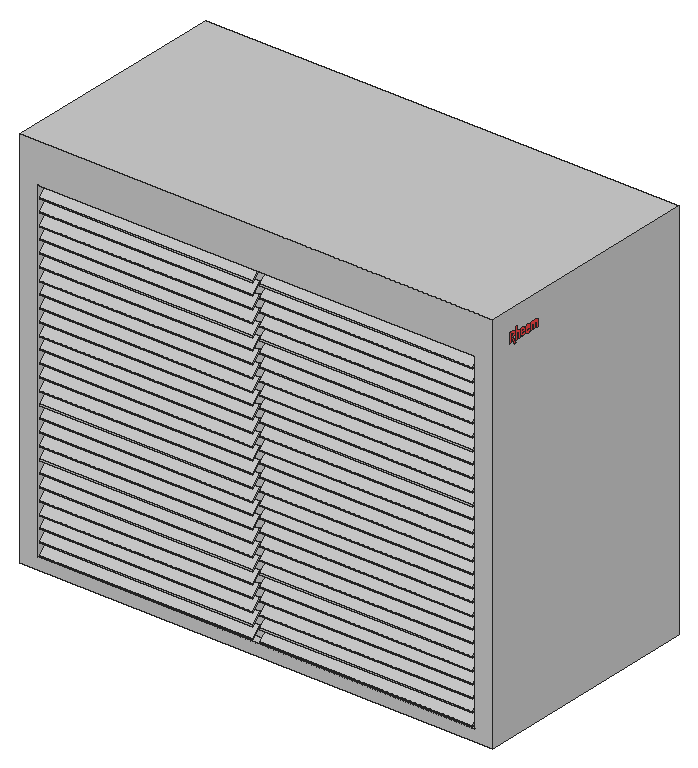
Revit family
Parameters (values of type "Commercial Heat Pump - Non Ducted")
  Unitheight_ANZRS = 935 mm
  UnitWidth_ANZRS = 565 mm
  UnitDepth_ANZRS [instance] = 1150 mm
  URL = "http://www.rheem.com.au/commercial_product.asp?ProdID=96&cat_id=2\r\n"
  Type Comments = "Output 16 KW @ 20oC/60% RH Recovery 300 L/h  @ 45°C  rise\r\n"
  Materials_ANZRS = Rheem - Joey Grey Steel
  OutletPipeDiameter_ANZRS = OutPipeRadius_ANZRS * 2  # 32 mm
  OutPipeRadius_ANZRS = 16 mm
  Model = "953022"
  Manufacturer = "Rheem\r\n"
  InletPipeDiameter_ANZRS = InPipeRadius_ANZRS * 2  # 32 mm
  InPipeRadius_ANZRS = 16 mm
  DesignBy_ANZRS = "Design Content ©\r\n"
  Description = "Commercial Heat Pump - Non Ducted"
  CondensateDrainPipeDiameter_ANZRS = CDPipeRadius_ANZRS * 2  # 20 mm
  CDPipeRadius_ANZRS = 10 mm
  Author_ANZRS = "DM"
  Assembly Code = ""
Reference planes
  plane 1 "Center (Front/Back)": y = 0
  plane 2: z = 0
  plane 3 "Center (Left/Right)": x = 0
  plane 4 "W1": y = 282.5
  plane 5 "W2": y = -282.5
  plane 6 "W4": x = -575
  plane 7 "W3": x = 575
  plane 8 "CENTER 1": x = -320
  plane 9 "CENTER 2": x = 180
  plane 10: z = 25
  plane 11 "HEIGHT": z = 960
  plane 12 "W11": y = 212.65
  plane 13 "W13": y = 147.65
  plane 14 "W15": y = -212.65
  plane 15 "W14": y = -147.65
  plane 16 "CD1": z = 225
  plane 17 "CD2": z = 555
  plane 18 "CENTER 3": y = -167.65
  plane 19 "w5": x = -545
  plane 20 "W7": x = 545
  plane 21 "H1": z = 53.419
  plane 22 "CENTER 5": y = 180.15
  plane 23 "CENTER 4": y = -180.15
  plane 24: y = -260.438
  plane 25 "W6": x = -527.091
  plane 26 "W9": x = 527.091
  plane 27 "W8": x = 532.091
  plane 28: x = -625
  plane 29: y = 174.5
Forms (mm)
  Extrusion 1, solid, material "Rheem - Joey Grey Steel" <- "Materials_ANZRS"
    sketch origin (0, 0, 0) x (1, 0, 0) y (0, 1, 0)
      loop
        line (-575, 282.5) -> (-575, -260.438) -> (575, -260.438) -> (575, 282.5) -> (-575, 282.5)
    from 25 to 960
  Extrusion 2, solid, material "Rheem - Joey Grey Steel" <- "Materials_ANZRS"
    sketch origin (0, 0, 0) x (0, 1, 0) y (0, 0, 1)
      loop
        circle (-167.65, 555) r 16
      loop
        circle (-167.65, 225) r 16
    from -575 to -625
  Extrusion 3, solid, material "Rheem - Joey Grey Steel" <- "Materials_ANZRS"
    sketch origin (0, 0, 0) x (0, 1, 0) y (0, 0, 1)
      loop
        line (212.65, 0) -> (212.65, 25) -> (147.65, 25) -> (147.65, 0) -> (212.65, 0)
      loop
        line (-147.65, 0) -> (-147.65, 25) -> (-212.65, 25) -> (-212.65, 0) -> (-147.65, 0)
    from -545 to 545
  Extrusion 4, solid, material "Rheem - Joey Grey Steel" <- "Materials_ANZRS"
    sketch origin (0, 0, 0) x (0, 1, 0) y (0, 0, 1)
      loop
        circle (180.15, 53.419) r 10
      loop
        circle (-180.15, 53.419) r 10
    from -575 to -625
  Extrusion 5, solid, material "Rheem - Joey Grey Steel" <- "Materials_ANZRS"
    sketch origin (0, 0, 0) x (0, 1, 0) y (0, 0, 1)
      loop
        line (-260.438, 860.039) -> (-282.5, 837.978) -> (-282.5, 835.579) -> (-260.438, 857.64) -> (-260.438, 860.039)
      loop
        line (-260.438, 830.039) -> (-282.5, 807.978) -> (-282.5, 805.579) -> (-260.438, 827.64) -> (-260.438, 830.039)
      loop
        line (-260.438, 800.039) -> (-282.5, 777.978) -> (-282.5, 775.579) -> (-260.438, 797.64) -> (-260.438, 800.039)
      loop
        line (-260.438, 770.039) -> (-282.5, 747.978) -> (-282.5, 745.579) -> (-260.438, 767.64) -> (-260.438, 770.039)
      loop
        line (-260.438, 740.039) -> (-282.5, 717.978) -> (-282.5, 715.579) -> (-260.438, 737.64) -> (-260.438, 740.039)
      loop
        line (-260.438, 710.039) -> (-282.5, 687.978) -> (-282.5, 685.579) -> (-260.438, 707.64) -> (-260.438, 710.039)
      loop
        line (-260.438, 680.039) -> (-282.5, 657.978) -> (-282.5, 655.579) -> (-260.438, 677.64) -> (-260.438, 680.039)
      loop
        line (-260.438, 650.039) -> (-282.5, 627.978) -> (-282.5, 625.579) -> (-260.438, 647.64) -> (-260.438, 650.039)
      loop
        line (-260.438, 620.039) -> (-282.5, 597.978) -> (-282.5, 595.579) -> (-260.438, 617.64) -> (-260.438, 620.039)
      loop
        line (-260.438, 590.039) -> (-282.5, 567.978) -> (-282.5, 565.579) -> (-260.438, 587.64) -> (-260.438, 590.039)
      loop
        line (-260.438, 560.039) -> (-282.5, 537.978) -> (-282.5, 535.579) -> (-260.438, 557.64) -> (-260.438, 560.039)
      loop
        line (-260.438, 530.039) -> (-282.5, 507.978) -> (-282.5, 505.579) -> (-260.438, 527.64) -> (-260.438, 530.039)
      loop
        line (-260.438, 500.039) -> (-282.5, 477.978) -> (-282.5, 475.579) -> (-260.438, 497.64) -> (-260.438, 500.039)
      loop
        line (-260.438, 470.039) -> (-282.5, 447.978) -> (-282.5, 445.579) -> (-260.438, 467.64) -> (-260.438, 470.039)
      loop
        line (-260.438, 440.039) -> (-282.5, 417.978) -> (-282.5, 415.579) -> (-260.438, 437.64) -> (-260.438, 440.039)
      loop
        line (-260.438, 410.039) -> (-282.5, 387.978) -> (-282.5, 385.579) -> (-260.438, 407.64) -> (-260.438, 410.039)
      loop
        line (-260.438, 380.039) -> (-282.5, 357.978) -> (-282.5, 355.579) -> (-260.438, 377.64) -> (-260.438, 380.039)
      loop
        line (-260.438, 350.039) -> (-282.5, 327.978) -> (-282.5, 325.579) -> (-260.438, 347.64) -> (-260.438, 350.039)
      loop
        line (-260.438, 320.039) -> (-282.5, 297.978) -> (-282.5, 295.579) -> (-260.438, 317.64) -> (-260.438, 320.039)
      loop
        line (-260.438, 290.039) -> (-282.5, 267.978) -> (-282.5, 265.579) -> (-260.438, 287.64) -> (-260.438, 290.039)
      loop
        line (-260.438, 260.039) -> (-282.5, 237.978) -> (-282.5, 235.579) -> (-260.438, 257.64) -> (-260.438, 260.039)
      loop
        line (-260.438, 230.039) -> (-282.5, 207.978) -> (-282.5, 205.579) -> (-260.438, 227.64) -> (-260.438, 230.039)
      loop
        line (-260.438, 200.039) -> (-282.5, 177.978) -> (-282.5, 175.579) -> (-260.438, 197.64) -> (-260.438, 200.039)
      loop
        line (-260.438, 170.039) -> (-282.5, 147.978) -> (-282.5, 145.579) -> (-260.438, 167.64) -> (-260.438, 170.039)
      loop
        line (-260.438, 140.039) -> (-282.5, 117.978) -> (-282.5, 115.579) -> (-260.438, 137.64) -> (-260.438, 140.039)
      loop
        line (-260.438, 110.039) -> (-282.5, 87.978) -> (-282.5, 85.579) -> (-260.438, 107.64) -> (-260.438, 110.039)
      loop
        line (-260.438, 80.039) -> (-282.5, 57.978) -> (-282.5, 55.579) -> (-260.438, 77.64) -> (-260.438, 80.039)
    from -527.091 to -9.296
  Extrusion 6, solid, material "Rheem - Joey Grey Steel" <- "Materials_ANZRS"
    sketch origin (0, 0, 0) x (1, 0, 0) y (0, 0, 1)
      loop
        line (-575, 960) -> (-575, 25) -> (-14.281, 25) -> (575, 25) -> (575, 960) -> (-575, 960)
      loop
        line (-532.091, 53.419) -> (532.091, 53.419) -> (532.091, 865.039) -> (-532.091, 865.039) -> (-532.091, 53.419)
    from 260.438 to 282.5
  Extrusion 7, solid, material "Rheem - Joey Grey Steel" <- "Materials_ANZRS"
    sketch origin (0, 0, 0) x (0, 1, 0) y (0, 0, -1)
      loop
        line (-260.438, -860.039) -> (-260.438, -857.64) -> (-282.5, -835.579) -> (-282.5, -837.978) -> (-260.438, -860.039)
      loop
        line (-260.438, -830.039) -> (-260.438, -827.64) -> (-282.5, -805.579) -> (-282.5, -807.978) -> (-260.438, -830.039)
      loop
        line (-260.438, -800.039) -> (-260.438, -797.64) -> (-282.5, -775.579) -> (-282.5, -777.978) -> (-260.438, -800.039)
      loop
        line (-260.438, -770.039) -> (-260.438, -767.64) -> (-282.5, -745.579) -> (-282.5, -747.978) -> (-260.438, -770.039)
      loop
        line (-260.438, -740.039) -> (-260.438, -737.64) -> (-282.5, -715.579) -> (-282.5, -717.978) -> (-260.438, -740.039)
      loop
        line (-260.438, -710.039) -> (-260.438, -707.64) -> (-282.5, -685.579) -> (-282.5, -687.978) -> (-260.438, -710.039)
      loop
        line (-260.438, -680.039) -> (-260.438, -677.64) -> (-282.5, -655.579) -> (-282.5, -657.978) -> (-260.438, -680.039)
      loop
        line (-260.438, -650.039) -> (-260.438, -647.64) -> (-282.5, -625.579) -> (-282.5, -627.978) -> (-260.438, -650.039)
      loop
        line (-260.438, -620.039) -> (-260.438, -617.64) -> (-282.5, -595.579) -> (-282.5, -597.978) -> (-260.438, -620.039)
      loop
        line (-260.438, -590.039) -> (-260.438, -587.64) -> (-282.5, -565.579) -> (-282.5, -567.978) -> (-260.438, -590.039)
      loop
        line (-260.438, -560.039) -> (-260.438, -557.64) -> (-282.5, -535.579) -> (-282.5, -537.978) -> (-260.438, -560.039)
      loop
        line (-260.438, -530.039) -> (-260.438, -527.64) -> (-282.5, -505.579) -> (-282.5, -507.978) -> (-260.438, -530.039)
      loop
        line (-260.438, -500.039) -> (-260.438, -497.64) -> (-282.5, -475.579) -> (-282.5, -477.978) -> (-260.438, -500.039)
      loop
        line (-260.438, -470.039) -> (-260.438, -467.64) -> (-282.5, -445.579) -> (-282.5, -447.978) -> (-260.438, -470.039)
      loop
        line (-260.438, -440.039) -> (-260.438, -437.64) -> (-282.5, -415.579) -> (-282.5, -417.978) -> (-260.438, -440.039)
      loop
        line (-260.438, -410.039) -> (-260.438, -407.64) -> (-282.5, -385.579) -> (-282.5, -387.978) -> (-260.438, -410.039)
      loop
        line (-260.438, -380.039) -> (-260.438, -377.64) -> (-282.5, -355.579) -> (-282.5, -357.978) -> (-260.438, -380.039)
      loop
        line (-260.438, -350.039) -> (-260.438, -347.64) -> (-282.5, -325.579) -> (-282.5, -327.978) -> (-260.438, -350.039)
      loop
        line (-260.438, -320.039) -> (-260.438, -317.64) -> (-282.5, -295.579) -> (-282.5, -297.978) -> (-260.438, -320.039)
      loop
        line (-260.438, -290.039) -> (-260.438, -287.64) -> (-282.5, -265.579) -> (-282.5, -267.978) -> (-260.438, -290.039)
      loop
        line (-260.438, -260.039) -> (-260.438, -257.64) -> (-282.5, -235.579) -> (-282.5, -237.978) -> (-260.438, -260.039)
      loop
        line (-260.438, -230.039) -> (-260.438, -227.64) -> (-282.5, -205.579) -> (-282.5, -207.978) -> (-260.438, -230.039)
      loop
        line (-260.438, -200.039) -> (-260.438, -197.64) -> (-282.5, -175.579) -> (-282.5, -177.978) -> (-260.438, -200.039)
      loop
        line (-260.438, -170.039) -> (-260.438, -167.64) -> (-282.5, -145.579) -> (-282.5, -147.978) -> (-260.438, -170.039)
      loop
        line (-260.438, -140.039) -> (-260.438, -137.64) -> (-282.5, -115.579) -> (-282.5, -117.978) -> (-260.438, -140.039)
      loop
        line (-260.438, -110.039) -> (-260.438, -107.64) -> (-282.5, -85.579) -> (-282.5, -87.978) -> (-260.438, -110.039)
      loop
        line (-260.438, -80.039) -> (-260.438, -77.64) -> (-282.5, -55.579) -> (-282.5, -57.978) -> (-260.438, -80.039)
    from -527.091 to -9.296
  Extrusion 8, solid, material "Rheem - Joey Grey Steel" <- "Materials_ANZRS"
    sketch origin (575, 0, 960) x (0, 0, -1) y (0, 1, 0)
      loop
        circle (286.023, 174.5) r 0.5
    from 0 to -1
  Extrusion 9, solid, material "Rheem - Joey Grey Steel" <- "Materials_ANZRS"
    sketch origin (575, 0, 960) x (0, 0, -1) y (0, 1, 0)
      loop
        circle (336.023, 174.5) r 0.5
    from 0 to -1
  Extrusion 10, solid, material "Rheem - Joey Grey Steel" <- "Materials_ANZRS"
    sketch origin (575, 0, 960) x (0, 0, -1) y (0, 1, 0)
      loop
        circle (311.023, 174.5) r 0.5
    from 0 to -1
  Extrusion 11, solid, material "Rheem - Joey Grey Steel" <- "Materials_ANZRS"
    sketch origin (575, 0, 960) x (0, 0, -1) y (0, 1, 0)
      loop
        circle (361.023, 174.5) r 0.5
    from 0 to -1
Cuts and joins
  joined: Extrusion 1, Extrusion 6
Lines and regions (mm)
  Masking region 1
    outline origin (0, 0, 0) x (1, 0, 0) y (0, 1, 0)
      loop
        line (575, 282.5) -> (-575, 282.5) -> (-575, -282.5) -> (575, -282.5) -> (575, 282.5)
  Masking region 2
    outline origin (0, 0, 0) x (1, 0, 0) y (0, 0, 1)
      loop
        line (-575, 960) -> (-575, 25) -> (-545, 25) -> (-545, 0) -> (545, 0) -> (545, 25) -> (575, 25) -> (575, 960) -> (-575, 960)
  Masking region 3
    outline origin (0, 0, 0) x (0, 1, 0) y (0, 0, 1)
      loop
        line (282.5, 25) -> (282.5, 960) -> (-282.5, 960) -> (-282.5, 25) -> (-212.65, 25) -> (-212.65, 0) -> (-147.65, 0) -> (-147.65, 25) -> (147.65, 25) -> (147.65, 0) -> (212.65, 0) -> (212.65, 25) -> (282.5, 25)
  Masking region 4
    outline origin (0, 0, 0) x (1, 0, 0) y (0, 1, 0)
      loop
        line (-575, 282.5) -> (-575, -282.5) -> (575, -282.5) -> (575, 282.5) -> (-575, 282.5)
  symbolic lines, style "Rheem - Heat Pump", detail levels fine
    curve 1: line (575, 282.5, 0) -> (-575, 282.5, 0)
    curve 2: line (-575, 282.5, 0) -> (-575, -282.5, 0)
    curve 3: line (-575, -282.5, 0) -> (575, -282.5, 0)
    curve 4: line (575, -282.5, 0) -> (575, 282.5, 0)
    curve 5: line (-625, 190.15, 0) -> (-625, 170.15, 0)
    curve 6: line (-625, 170.15, 0) -> (-575, 170.15, 0)
    curve 7: line (-625, 190.15, 0) -> (-575, 190.15, 0)
    curve 8: line (-625, -147.65, 0) -> (-625, -180.15, 0)
    curve 9: line (-625, -180.15, 0) -> (-575, -180.15, 0)
    curve 10: line (-625, -147.65, 0) -> (-575, -147.65, 0)
    curve 11: line (-575, 0, 960) -> (-575, 0, 25)
    curve 12: line (575, 0, 960) -> (-575, 0, 960)
    curve 13: line (575, 0, 25) -> (575, 0, 960)
    curve 14: line (-575, 0, 25) -> (575, 0, 25)
    curve 15: line (-545, 0, 0) -> (545, 0, 0)
    curve 16: line (545, 0, 0) -> (545, 0, 25)
    curve 17: line (-545, 0, 25) -> (-545, 0, 0)
    curve 18: line (-625, 0, 63.419) -> (-625, 0, 43.419)
    curve 19: line (-625, 0, 571) -> (-625, 0, 538.877)
    curve 20: line (-625, 0, 241) -> (-625, 0, 209)
    curve 21: line (-625, 0, 571) -> (-575, 0, 571)
    curve 22: line (-625, 0, 538.877) -> (-575, 0, 538.877)
    curve 23: line (-625, 0, 241) -> (-575, 0, 241)
    curve 24: line (-625, 0, 209) -> (-575, 0, 209)
    curve 25: line (-625, 0, 63.419) -> (-575, 0, 63.419)
    curve 26: line (-625, 0, 43.419) -> (-575, 0, 43.419)
    curve 27: line (0, 282.5, 25) -> (0, 282.5, 960)
    curve 28: line (0, 282.5, 960) -> (0, -282.5, 960)
    curve 29: line (0, -282.5, 960) -> (0, -282.5, 25)
    curve 30: line (0, -282.5, 25) -> (0, 282.5, 25)
    curve 31: line (0, 212.65, 0) -> (0, 212.65, 25)
    curve 32: line (0, 147.65, 0) -> (0, 212.65, 0)
    curve 33: line (0, 147.65, 25) -> (0, 147.65, 0)
    curve 34: line (0, -147.65, 0) -> (0, -147.65, 25)
    curve 35: line (0, -212.65, 0) -> (0, -147.65, 0)
    curve 36: line (0, -212.65, 25) -> (0, -212.65, 0)
    curve 37: arc (0, -170.15, 53.419) -> (0, -180.15, 43.419) -> (0, -190.15, 53.419) r 10
    curve 38: arc (0, -190.15, 53.419) -> (0, -180.15, 63.419) -> (0, -170.15, 53.419) r 10
    curve 39: arc (0, 190.15, 53.419) -> (0, 180.15, 43.419) -> (0, 170.15, 53.419) r 10
    curve 40: arc (0, 170.15, 53.419) -> (0, 180.15, 63.419) -> (0, 190.15, 53.419) r 10
    curve 41: arc (0, -151.65, 225) -> (0, -167.65, 209) -> (0, -183.65, 225) r 16
    curve 42: arc (0, -183.65, 225) -> (0, -167.65, 241) -> (0, -151.65, 225) r 16
    curve 43: arc (0, -151.65, 555) -> (0, -167.65, 539) -> (0, -183.65, 555) r 16
    curve 44: arc (0, -183.65, 555) -> (0, -167.65, 571) -> (0, -151.65, 555) r 16
    curve 45: arc (0, 209.07, 550.722) -> (0, 220.305, 604.96) -> (0, 221.049, 660.345) r 290.723
    curve 46: arc (0, 258.889, 660.345) -> (0, 270.254, 578.531) -> (0, 255.164, 497.321) r 257.845
    curve 47: line (0, 255.164, 497.321) -> (0, 220.439, 497.321)
    curve 48: arc (0, 220.439, 497.321) -> (0, 210.952, 523.212) -> (0, 209.07, 550.722) r 97.782
    curve 49: line (0, 209.07, 889.919) -> (0, 220.439, 943.321)
    curve 50: line (0, 220.439, 943.321) -> (0, 255.164, 943.321)
    curve 51: arc (0, 209.07, 889.919) -> (0, 220.29, 835.814) -> (0, 221.071, 780.562) r 290.723
    curve 52: arc (0, 258.971, 780.562) -> (0, 270.25, 862.25) -> (0, 255.164, 943.321) r 257.845
    curve 53: line (0, 270.164, 771.722) -> (0, 270.164, 669.101)
    curve 54: line (0, 206.334, 771.712) -> (0, 206.334, 669.101)
    curve 55: line (0, 206.334, 669.101) -> (0, 215.091, 660.345)
    curve 56: line (0, 215.183, 660.252) -> (0, 215.183, 780.562)
    curve 57: line (0, 206.334, 771.712) -> (0, 215.183, 780.562)
    curve 58: line (0, 215.183, 780.562) -> (0, 261.324, 780.562)
    curve 59: line (0, 261.324, 780.562) -> (0, 270.164, 771.722)
    curve 60: line (0, 270.164, 669.101) -> (0, 261.408, 660.345)
    curve 61: line (0, 261.408, 660.345) -> (0, 215.091, 660.345)
    curve 62: line (0, 261.324, 780.562) -> (0, 261.324, 660.345)
    curve 63: arc (0, 209.07, 175.722) -> (0, 220.305, 229.96) -> (0, 221.049, 285.345) r 290.723
    curve 64: arc (0, 258.889, 285.345) -> (0, 270.254, 203.531) -> (0, 255.164, 122.321) r 257.845
    curve 65: line (0, 255.164, 122.321) -> (0, 220.439, 122.321)
    curve 66: arc (0, 220.439, 122.321) -> (0, 210.952, 148.212) -> (0, 209.07, 175.722) r 97.782
    curve 67: line (0, 209.07, 514.919) -> (0, 209.538, 531.653)
    curve 68: arc (0, 209.07, 514.919) -> (0, 220.29, 460.814) -> (0, 221.071, 405.562) r 290.723
    curve 69: arc (0, 258.971, 405.562) -> (0, 270.022, 468.807) -> (0, 265.105, 532.821) r 257.845
    curve 70: line (0, 270.164, 396.722) -> (0, 270.164, 294.101)
    curve 71: line (0, 206.334, 396.712) -> (0, 206.334, 294.101)
    curve 72: line (0, 206.334, 294.101) -> (0, 215.183, 285.252)
    curve 73: line (0, 215.183, 285.252) -> (0, 215.183, 405.562)
    curve 74: line (0, 206.334, 396.712) -> (0, 215.183, 405.562)
    curve 75: line (0, 215.183, 405.562) -> (0, 261.324, 405.562)
    curve 76: line (0, 261.324, 405.562) -> (0, 270.164, 396.722)
    curve 77: line (0, 270.164, 294.101) -> (0, 261.408, 285.345)
    curve 78: line (0, 261.408, 285.345) -> (0, 215.091, 285.345)
    curve 79: line (0, 261.324, 405.562) -> (0, 261.324, 285.345)
    curve 80: spline (-239.25, 206.17, 960) -> (-230.909, 205.975, 960) -> (-222.616, 205.489, 960) -> (-214.411, 204.715, 960) -> (-206.335, 203.656, 960) -> (-198.425, 202.318, 960) -> (-190.723, 200.707, 960) -> (-183.263, 198.831, 960) -> (-176.085, 196.699, 960) -> (-169.221, 194.321, 960) -> (-162.707, 191.709, 960) -> (-156.573, 188.877, 960) -> (-150.849, 185.837, 960)
    curve 81: spline (-84.717, 215.066, 960) -> (-85.601, 211.416, 960) -> (-87.335, 207.842, 960) -> (-89.895, 204.395, 960) -> (-93.246, 201.121, 960) -> (-97.341, 198.067, 960) -> (-102.123, 195.273, 960) -> (-107.528, 192.779, 960) -> (-113.48, 190.619, 960) -> (-119.897, 188.823, 960) -> (-126.691, 187.415, 960) -> (-133.769, 186.415, 960) -> (-141.032, 185.837, 960)
    curve 82: line (-84.717, 254.81, 960) -> (-84.717, 215.066, 960)
    curve 83: spline (-110.133, 267.518, 960) -> (-106.816, 267.409, 960) -> (-103.555, 267.085, 960) -> (-100.407, 266.551, 960) -> (-97.425, 265.815, 960) -> (-94.661, 264.892, 960) -> (-92.161, 263.796, 960) -> (-89.969, 262.546, 960) -> (-88.122, 261.164, 960) -> (-86.651, 259.673, 960) -> (-85.583, 258.099, 960) -> (-84.934, 256.468, 960) -> (-84.717, 254.81, 960)
    curve 84: spline (-239.25, 255.532, 960) -> (-234.591, 257.299, 960) -> (-229.751, 258.938, 960) -> (-224.742, 260.446, 960) -> (-219.579, 261.819, 960) -> (-214.277, 263.051, 960) -> (-208.851, 264.14, 960) -> (-203.316, 265.082, 960) -> (-197.689, 265.875, 960) -> (-191.984, 266.517, 960) -> (-186.22, 267.006, 960) -> (-180.411, 267.34, 960) -> (-174.575, 267.518, 960)
    curve 85: line (-239.25, 206.17, 960) -> (-239.25, 269.712, 960)
    curve 86: line (-254.5, 185.837, 960) -> (-239.25, 206.17, 960)
    curve 87: line (-376.5, 185.837, 960) -> (-254.5, 185.837, 960)
    curve 88: line (-391.75, 206.17, 960) -> (-376.5, 185.837, 960)
    curve 89: spline (-480.151, 185.837, 960) -> (-474.427, 188.877, 960) -> (-468.293, 191.709, 960) -> (-461.779, 194.321, 960) -> (-454.915, 196.699, 960) -> (-447.737, 198.831, 960) -> (-440.277, 200.707, 960) -> (-432.575, 202.318, 960) -> (-424.665, 203.656, 960) -> (-416.589, 204.715, 960) -> (-408.384, 205.489, 960) -> (-400.091, 205.975, 960) -> (-391.75, 206.17, 960)
    curve 90: spline (-489.968, 185.837, 960) -> (-497.231, 186.415, 960) -> (-504.309, 187.415, 960) -> (-511.103, 188.823, 960) -> (-517.52, 190.619, 960) -> (-523.472, 192.779, 960) -> (-528.877, 195.273, 960) -> (-533.659, 198.067, 960) -> (-537.754, 201.121, 960) -> (-541.105, 204.395, 960) -> (-543.665, 207.842, 960) -> (-545.399, 211.416, 960) -> (-546.283, 215.066, 960)
    curve 91: line (-489.968, 185.837, 960) -> (-480.151, 185.837, 960)
    curve 92: line (-546.283, 215.066, 960) -> (-546.283, 254.81, 960)
    curve 93: spline (-546.283, 254.81, 960) -> (-546.066, 256.468, 960) -> (-545.417, 258.099, 960) -> (-544.349, 259.673, 960) -> (-542.878, 261.164, 960) -> (-541.031, 262.546, 960) -> (-538.839, 263.796, 960) -> (-536.339, 264.892, 960) -> (-533.575, 265.815, 960) -> (-530.593, 266.551, 960) -> (-527.445, 267.085, 960) -> (-524.184, 267.409, 960) -> (-520.867, 267.518, 960)
    curve 94: spline (-456.425, 267.518, 960) -> (-450.589, 267.34, 960) -> (-444.78, 267.006, 960) -> (-439.016, 266.517, 960) -> (-433.311, 265.875, 960) -> (-427.684, 265.082, 960) -> (-422.149, 264.14, 960) -> (-416.723, 263.051, 960) -> (-411.421, 261.819, 960) -> (-406.258, 260.446, 960) -> (-401.249, 258.938, 960) -> (-396.409, 257.299, 960) -> (-391.75, 255.532, 960)
    curve 95: line (-520.867, 267.518, 960) -> (-456.425, 267.518, 960)
    curve 96: line (-110.133, 267.518, 960) -> (-174.575, 267.518, 960)
    curve 97: line (-391.75, 206.17, 960) -> (-239.25, 206.17, 960)
    curve 98: line (-391.75, 269.712, 960) -> (-391.75, 206.17, 960)
    curve 99: line (-239.25, 269.712, 960) -> (-391.75, 269.712, 960)
    curve 100: line (-376.5, 279.545, 960) -> (-391.75, 269.712, 960)
    curve 101: line (-254.5, 279.545, 960) -> (-376.5, 279.545, 960)
    curve 102: line (-239.25, 269.712, 960) -> (-254.5, 279.545, 960)
    curve 103: line (-114.5, 185.837, 960) -> (7.5, 185.837, 960)
    curve 104: line (-88.462, 206.17, 960) -> (22.75, 206.17, 960)
    curve 105: line (7.5, 185.837, 960) -> (22.75, 206.17, 960)
    curve 106: line (22.75, 206.17, 960) -> (22.75, 269.712, 960)
    curve 107: line (-129.75, 269.712, 960) -> (22.75, 269.712, 960)
    curve 108: line (22.75, 269.712, 960) -> (7.5, 279.545, 960)
    curve 109: spline (22.75, 255.532, 960) -> (27.409, 257.299, 960) -> (32.249, 258.938, 960) -> (37.258, 260.446, 960) -> (42.421, 261.819, 960) -> (47.723, 263.051, 960) -> (53.149, 264.14, 960) -> (58.684, 265.082, 960) -> (64.311, 265.875, 960) -> (70.016, 266.517, 960) -> (75.78, 267.006, 960) -> (81.589, 267.34, 960) -> (87.425, 267.518, 960)
    curve 110: line (151.867, 267.518, 960) -> (87.425, 267.518, 960)
    curve 111: spline (151.867, 267.518, 960) -> (155.184, 267.409, 960) -> (158.445, 267.085, 960) -> (161.593, 266.551, 960) -> (164.575, 265.815, 960) -> (167.339, 264.892, 960) -> (169.839, 263.796, 960) -> (172.031, 262.546, 960) -> (173.878, 261.164, 960) -> (175.349, 259.673, 960) -> (176.417, 258.099, 960) -> (177.066, 256.468, 960) -> (177.283, 254.81, 960)
    curve 112: line (177.283, 254.81, 960) -> (177.283, 215.066, 960)
    curve 113: spline (177.283, 215.066, 960) -> (176.399, 211.416, 960) -> (174.665, 207.842, 960) -> (172.105, 204.395, 960) -> (168.754, 201.121, 960) -> (164.659, 198.067, 960) -> (159.877, 195.273, 960) -> (154.472, 192.779, 960) -> (148.52, 190.619, 960) -> (142.103, 188.823, 960) -> (135.309, 187.415, 960) -> (128.231, 186.415, 960) -> (120.968, 185.837, 960)
    curve 114: spline (22.75, 206.17, 960) -> (31.091, 205.975, 960) -> (39.384, 205.489, 960) -> (47.589, 204.715, 960) -> (55.665, 203.656, 960) -> (63.575, 202.318, 960) -> (71.277, 200.707, 960) -> (78.737, 198.831, 960) -> (85.915, 196.699, 960) -> (92.779, 194.321, 960) -> (99.293, 191.709, 960) -> (105.427, 188.877, 960) -> (111.151, 185.837, 960)
    curve 115: line (120.968, 185.837, 960) -> (111.151, 185.837, 960)
    curve 116: line (-114.5, 185.837, 960) -> (-117.5, 189.837, 960)
    curve 117: line (-129.75, 269.712, 960) -> (-114.5, 279.545, 960)
    curve 118: line (-129.75, 269.712, 960) -> (-129.75, 267.518, 960)
    curve 119: line (-114.5, 279.545, 960) -> (7.5, 279.545, 960)
  model lines, style "Rheem - Heat Pump"
    curve 120: circle (-53.5, 282.5, 702.5) r 244 normal (0, 1, 0)
    curve 121: line (-97.26, 282.5, 762.243) -> (-86.932, 282.5, 880.29)
    curve 122: arc (-86.932, 282.5, 880.29) -> (-69.686, 282.5, 913.42) -> (-34.064, 282.5, 924.651) r 48.8
    curve 123: line (-34.064, 282.5, 924.651) -> (14.55, 282.5, 920.398)
    curve 124: line (14.55, 282.5, 920.398) -> (-0.031, 282.5, 753.736)
    curve 125: line (-104.736, 282.5, 755.969) -> (-271.398, 282.5, 770.55)
    curve 126: line (-271.398, 282.5, 770.55) -> (-275.651, 282.5, 721.936)
    curve 127: arc (-275.651, 282.5, 721.936) -> (-264.42, 282.5, 686.314) -> (-231.29, 282.5, 669.068) r 48.8
    curve 128: line (-231.29, 282.5, 669.068) -> (-113.243, 282.5, 658.74)
    curve 129: line (-106.969, 282.5, 651.264) -> (-121.55, 282.5, 484.602)
    curve 130: line (-121.55, 282.5, 484.602) -> (-72.936, 282.5, 480.349)
    curve 131: arc (-72.936, 282.5, 480.349) -> (-37.314, 282.5, 491.58) -> (-20.068, 282.5, 524.71) r 48.8
    curve 132: line (-20.068, 282.5, 524.71) -> (-9.74, 282.5, 642.757)
    curve 133: line (6.243, 282.5, 746.26) -> (124.29, 282.5, 735.932)
    curve 134: arc (124.29, 282.5, 735.932) -> (157.42, 282.5, 718.686) -> (168.651, 282.5, 683.064) r 48.8
    curve 135: line (168.651, 282.5, 683.064) -> (164.398, 282.5, 634.45)
    curve 136: line (164.398, 282.5, 634.45) -> (-2.264, 282.5, 649.031)
    curve 137: circle (-53.5, 282.5, 702.5) r 206 normal (0, 1, 0)
    curve 138: circle (-53.5, 282.5, 702.5) r 168 normal (0, 1, 0)
    curve 139: circle (-53.5, 282.5, 702.5) r 130 normal (0, 1, 0)
    curve 140: circle (-53.5, 282.5, 702.5) r 92 normal (0, 1, 0)
    curve 141: circle (-53.5, 282.5, 702.5) r 54 normal (0, 1, 0)
    curve 142: circle (-253.147, 282.5, 534.977) r 4.88 normal (0, 1, 0)
    curve 143: circle (114.023, 282.5, 502.853) r 4.88 normal (0, 1, 0)
    curve 144: line (-15.193, 282.5, 664.44) -> (117.762, 282.5, 505.99)
    curve 145: line (-22.67, 282.5, 658.166) -> (110.285, 282.5, 499.717)
    curve 146: line (-91.56, 282.5, 664.193) -> (-250.01, 282.5, 531.238)
    curve 147: line (-97.834, 282.5, 671.67) -> (-256.283, 282.5, 538.715)
    curve 148: line (-84.33, 282.5, 746.834) -> (-217.285, 282.5, 905.283)
    curve 149: line (-91.807, 282.5, 740.56) -> (-224.762, 282.5, 899.01)
    curve 150: circle (-221.023, 282.5, 902.147) r 4.88 normal (0, 1, 0)
    curve 151: line (-15.44, 282.5, 740.807) -> (143.01, 282.5, 873.762)
    curve 152: line (-9.166, 282.5, 733.33) -> (149.283, 282.5, 866.285)
    curve 153: circle (146.147, 282.5, 870.023) r 4.88 normal (0, 1, 0)
    curve 154: circle (-315.5, 282.5, 286.5) r 244 normal (0, 1, 0)
    curve 155: line (-359.26, 282.5, 346.243) -> (-348.932, 282.5, 464.29)
    curve 156: arc (-348.932, 282.5, 464.29) -> (-331.686, 282.5, 497.42) -> (-296.064, 282.5, 508.651) r 48.8
    curve 157: line (-296.064, 282.5, 508.651) -> (-247.45, 282.5, 504.398)
    curve 158: line (-247.45, 282.5, 504.398) -> (-262.031, 282.5, 337.736)
    curve 159: line (-366.736, 282.5, 339.969) -> (-533.398, 282.5, 354.55)
    curve 160: line (-533.398, 282.5, 354.55) -> (-537.651, 282.5, 305.936)
    curve 161: arc (-537.651, 282.5, 305.936) -> (-526.42, 282.5, 270.314) -> (-493.29, 282.5, 253.068) r 48.8
    curve 162: line (-493.29, 282.5, 253.068) -> (-375.243, 282.5, 242.74)
    curve 163: line (-368.969, 282.5, 235.264) -> (-383.55, 282.5, 68.602)
    curve 164: line (-383.55, 282.5, 68.602) -> (-334.936, 282.5, 64.349)
    curve 165: arc (-334.936, 282.5, 64.349) -> (-299.314, 282.5, 75.58) -> (-282.068, 282.5, 108.71) r 48.8
    curve 166: line (-282.068, 282.5, 108.71) -> (-271.74, 282.5, 226.757)
    curve 167: line (-255.757, 282.5, 330.26) -> (-137.71, 282.5, 319.932)
    curve 168: arc (-137.71, 282.5, 319.932) -> (-104.58, 282.5, 302.686) -> (-93.349, 282.5, 267.064) r 48.8
    curve 169: line (-93.349, 282.5, 267.064) -> (-97.602, 282.5, 218.45)
    curve 170: line (-97.602, 282.5, 218.45) -> (-264.264, 282.5, 233.031)
    curve 171: circle (-315.5, 282.5, 286.5) r 206 normal (0, 1, 0)
    curve 172: circle (-315.5, 282.5, 286.5) r 168 normal (0, 1, 0)
    curve 173: circle (-315.5, 282.5, 286.5) r 130 normal (0, 1, 0)
    curve 174: circle (-315.5, 282.5, 286.5) r 92 normal (0, 1, 0)
    curve 175: circle (-315.5, 282.5, 286.5) r 54 normal (0, 1, 0)
    curve 176: circle (-515.147, 282.5, 118.977) r 4.88 normal (0, 1, 0)
    curve 177: circle (-147.977, 282.5, 86.853) r 4.88 normal (0, 1, 0)
    curve 178: line (-277.193, 282.5, 248.44) -> (-144.238, 282.5, 89.99)
    curve 179: line (-284.67, 282.5, 242.166) -> (-151.715, 282.5, 83.717)
    curve 180: line (-353.56, 282.5, 248.193) -> (-512.01, 282.5, 115.238)
    curve 181: line (-359.834, 282.5, 255.67) -> (-518.283, 282.5, 122.715)
    curve 182: line (-346.33, 282.5, 330.834) -> (-479.285, 282.5, 489.283)
    curve 183: line (-353.807, 282.5, 324.56) -> (-486.762, 282.5, 483.01)
    curve 184: circle (-483.023, 282.5, 486.147) r 4.88 normal (0, 1, 0)
    curve 185: line (-277.44, 282.5, 324.807) -> (-118.99, 282.5, 457.762)
    curve 186: line (-271.166, 282.5, 317.33) -> (-112.717, 282.5, 450.285)
    curve 187: circle (-115.853, 282.5, 454.023) r 4.88 normal (0, 1, 0)
Dimensions and locks
  equal spacing: plane 6 "W4", plane 3 "Center (Left/Right)", plane 7 "W3"
  equal spacing: plane 4 "W1", plane 1 "Center (Front/Back)", plane 5 "W2"
  "UnitWidth_ANZRS": plane 4 "W1" to plane 5 "W2"
  "UnitDepth_ANZRS": plane 6 "W4" to plane 7 "W3"
  plane 6 "W4" to plane 8 "CENTER 1" = 255 mm
  plane 9 "CENTER 2" to plane 7 "W3" = 395 mm
  plane 8 "CENTER 1" to plane 9 "CENTER 2" = 500 mm
  "Unitheight_ANZRS": plane 11 "HEIGHT" to plane 10
  plane 10 to level = 25 mm
  plane 12 "W11" to plane 13 "W13" = 65 mm
  plane 15 "W14" to plane 14 "W15" = 65 mm
  plane 16 "CD1" to plane 10 = 200 mm
  plane 17 "CD2" to plane 10 = 530 mm
  locked: plane 19 "w5" to plane 6 "W4" at 30
  locked: plane 7 "W3" to plane 20 "W7" at 30
  plane 28 to plane 19 "w5" = 80 mm
  plane 21 "H1" to level = 53.419 mm
  plane 4 "W1" to plane 5 "W2" = 565 mm
  plane 11 "HEIGHT" to level = 960 mm
  "OutPipeRadius_ANZRS": radius of Extrusion 2 sketch curve
  "InPipeRadius_ANZRS": radius of Extrusion 2 sketch curve
  "CDPipeRadius_ANZRS": radius of Extrusion 4 sketch curve  (x2)
  aligned and locked: level to plane 2
  aligned and locked: Extrusion 1 sketch curve to plane 4 "W1"
  aligned and locked: Extrusion 1 sketch curve to plane 6 "W4"
  aligned and locked: Extrusion 1 sketch curve to plane 7 "W3"
  aligned and locked: plane 11 "HEIGHT" to Extrusion 1
  aligned and locked: Extrusion 1 to plane 10
  aligned and locked: plane 17 "CD2" to Extrusion 2 sketch curve
  aligned and locked: plane 18 "CENTER 3" to Extrusion 2 sketch curve  (x2)
  aligned and locked: plane 16 "CD1" to Extrusion 2 sketch curve
  aligned: Extrusion 2 to plane 7 "W3"
  aligned and locked: level to Extrusion 3 sketch curve  (x2)
  aligned and locked: plane 12 "W11" to Extrusion 3 sketch curve
  aligned and locked: Extrusion 3 sketch curve to plane 10  (x2)
  aligned and locked: Extrusion 3 sketch curve to plane 13 "W13"
  aligned and locked: Extrusion 3 sketch curve to plane 15 "W14"
  aligned and locked: plane 14 "W15" to Extrusion 3 sketch curve
  aligned and locked: Extrusion 3 to plane 19 "w5"
  aligned and locked: Extrusion 3 to plane 20 "W7"
  aligned and locked: plane 22 "CENTER 5" to Extrusion 4 sketch curve
  aligned and locked: plane 21 "H1" to Extrusion 4 sketch curve  (x2)
  aligned and locked: plane 23 "CENTER 4" to Extrusion 4 sketch curve
  aligned and locked: Extrusion 4 to Extrusion 2
  aligned: Extrusion 4 to plane 7 "W3"
  aligned and locked: plane 5 "W2" to Extrusion 6
  aligned and locked: plane 26 "W9" to Extrusion 7
  aligned and locked: Extrusion 6 to plane 27 "W8"
  aligned and locked: Extrusion 6 sketch curve to plane 21 "H1"
  aligned and locked: Extrusion 2 to plane 6 "W4"
  aligned and locked: plane 28 to Extrusion 2
  aligned and locked: Extrusion 4 to plane 6 "W4"
  aligned and locked: plane 28 to Extrusion 4
  aligned and locked: curve 1 to cut or joined group of Extrusion 1, Extrusion 6
  aligned and locked: cut or joined group of Extrusion 1, Extrusion 6 to curve 2
  aligned and locked: curve 3 to cut or joined group of Extrusion 1, Extrusion 6
  aligned and locked: curve 4 to cut or joined group of Extrusion 1, Extrusion 6
  aligned and locked: curve 11 to cut or joined group of Extrusion 1, Extrusion 6
  aligned and locked: curve 12 to cut or joined group of Extrusion 1, Extrusion 6
  aligned and locked: curve 13 to cut or joined group of Extrusion 1, Extrusion 6
  aligned and locked: curve 14 to cut or joined group of Extrusion 1, Extrusion 6
  aligned and locked: curve 18 to Extrusion 4
  aligned and locked: curve 19 to Extrusion 2
  aligned and locked: Masking region 1 sketch curve to curve 1
  aligned and locked: Masking region 1 sketch curve to curve 4
  aligned and locked: Masking region 1 sketch curve to curve 3
  aligned and locked: Masking region 1 sketch curve to curve 2
  aligned and locked: Masking region 2 sketch curve to curve 12
  aligned and locked: Masking region 2 sketch curve to curve 11
  aligned and locked: Masking region 2 sketch curve to curve 14
  aligned and locked: Masking region 2 sketch curve to curve 13
  aligned and locked: Masking region 2 sketch curve to curve 15
  aligned and locked: Masking region 2 sketch curve to curve 17
  aligned and locked: Masking region 2 sketch curve to curve 16
  aligned and locked: curve 27 to cut or joined group of Extrusion 1, Extrusion 6
  aligned and locked: cut or joined group of Extrusion 1, Extrusion 6 to curve 28
  aligned and locked: curve 29 to cut or joined group of Extrusion 1, Extrusion 6
  aligned and locked: curve 30 to cut or joined group of Extrusion 1, Extrusion 6
  aligned and locked: curve 37 to Extrusion 4
  aligned and locked: curve 38 to Extrusion 4
  aligned and locked: curve 39 to Extrusion 4
  aligned and locked: curve 40 to Extrusion 4
  aligned and locked: curve 41 to Extrusion 2
  aligned and locked: curve 42 to Extrusion 2
  aligned and locked: curve 43 to Extrusion 2
  aligned and locked: curve 44 to Extrusion 2
  aligned and locked: Masking region 3 sketch curve to curve 27
  aligned and locked: Masking region 3 sketch curve to curve 28
  aligned and locked: Masking region 3 sketch curve to curve 29
  aligned and locked: Masking region 3 sketch curve to curve 32
  aligned and locked: Masking region 3 sketch curve to curve 31
  aligned and locked: Masking region 3 sketch curve to curve 33
  aligned and locked: Masking region 3 sketch curve to curve 34
  aligned and locked: Masking region 3 sketch curve to curve 35
  aligned and locked: Masking region 3 sketch curve to curve 36
  aligned and locked: Masking region 3 sketch curve to curve 30
  aligned and locked: Masking region 4 sketch curve to curve 1
  aligned and locked: Masking region 4 sketch curve to curve 2
  aligned and locked: Masking region 4 sketch curve to curve 3
  aligned and locked: Masking region 4 sketch curve to curve 4
Automatic sketch dimensions
  curve 30 to plane 5 "W2" = 0 mm
  curve 36 to plane 10 = 0 mm
  curve 36 to plane 14 "W15" = 0 mm
  curve 34 to level = 0 mm
  curve 34 to plane 15 "W14" = 0 mm
  curve 32 to level = 0 mm
  curve 32 to plane 13 "W13" = 0 mm
  curve 32 to plane 12 "W11" = 0 mm
  curve 27 to plane 4 "W1" = 0 mm
  curve 27 to plane 11 "HEIGHT" = 0 mm
  plane 1 "Center (Front/Back)" to curve 45 = 68.697 mm
  plane 1 "Center (Front/Back)" to curve 63 = 68.697 mm
  plane 1 "Center (Front/Back)" to curve 68 = 68.697 mm
  plane 1 "Center (Front/Back)" to curve 51 = 68.697 mm
  curve 69 to plane 1 "Center (Front/Back)" = 12.476 mm
  curve 46 to plane 1 "Center (Front/Back)" = 12.476 mm
  curve 52 to plane 1 "Center (Front/Back)" = 12.476 mm
  curve 64 to plane 1 "Center (Front/Back)" = 12.476 mm
  plane 12 "W11" to curve 57 = 6.317 mm
  plane 12 "W11" to curve 71 = 6.317 mm
  plane 12 "W11" to curve 63 = 3.58 mm
  plane 12 "W11" to curve 48 = 3.58 mm
  plane 12 "W11" to curve 49 = 3.58 mm
  plane 12 "W11" to curve 68 = 3.58 mm
  plane 12 "W11" to curve 67 = 3.113 mm
  curve 78 to plane 12 "W11" = 2.44 mm
  curve 55 to plane 12 "W11" = 2.44 mm
  curve 58 to plane 12 "W11" = 2.533 mm
  curve 78 to curve 72 = 0.093 mm
  curve 49 to plane 12 "W11" = 7.789 mm
  curve 48 to plane 12 "W11" = 7.789 mm
  curve 65 to plane 12 "W11" = 7.789 mm
  curve 72 to curve 63 = 5.866 mm
  curve 56 to curve 45 = 5.866 mm
  curve 56 to curve 51 = 5.888 mm
  curve 73 to curve 68 = 5.888 mm
  curve 50 to plane 11 "HEIGHT" = 16.679 mm
  curve 50 to plane 4 "W1" = 27.336 mm
  curve 47 to plane 4 "W1" = 27.336 mm
  curve 64 to plane 4 "W1" = 27.336 mm
  curve 64 to plane 4 "W1" = 23.611 mm
  curve 46 to plane 4 "W1" = 23.611 mm
  curve 69 to plane 4 "W1" = 23.529 mm
  curve 52 to plane 4 "W1" = 23.529 mm
  curve 52 to curve 62 = 2.354 mm
  curve 69 to curve 76 = 2.354 mm
  curve 62 to curve 60 = 0.083 mm
  curve 79 to curve 77 = 0.083 mm
  curve 69 to plane 4 "W1" = 17.395 mm
  curve 60 to plane 4 "W1" = 12.336 mm
  curve 70 to plane 4 "W1" = 12.336 mm
  plane 4 "W1" to curve 66 = 24.09 mm
  plane 4 "W1" to curve 48 = 24.09 mm
  plane 21 "H1" to curve 65 = 68.902 mm
  curve 64 to curve 66 = 46.252 mm
  curve 64 to plane 16 "CD1" = 15.579 mm
  curve 73 to curve 78 = 0.093 mm
  curve 77 to curve 77 = 8.757 mm
  curve 78 to curve 71 = 8.757 mm
  curve 71 to curve 71 = 102.611 mm
  curve 71 to curve 70 = 0.01 mm
  curve 71 to curve 75 = 8.849 mm
  curve 68 to plane 17 "CD2" = 125.9 mm
  curve 69 to plane 17 "CD2" = 73.779 mm
  curve 48 to curve 68 = 17.599 mm
  curve 67 to curve 67 = 16.733 mm
  curve 56 to curve 55 = 0.093 mm
  curve 55 to curve 55 = 8.757 mm
  curve 60 to curve 53 = 8.757 mm
  curve 54 to curve 57 = 102.611 mm
  curve 54 to curve 59 = 0.01 mm
  curve 53 to curve 59 = 8.84 mm
  curve 51 to curve 52 = 52.121 mm
  plane 28 to curve 19 = 0 mm
  plane 28 to curve 20 = 0 mm
  plane 28 to curve 26 = 0 mm
  plane 6 "W4" to curve 23 = 0 mm
  curve 17 to plane 10 = 0 mm
  curve 17 to plane 19 "w5" = 0 mm
  plane 20 "W7" to curve 16 = 0 mm
  curve 13 to plane 7 "W3" = 0 mm
  curve 15 to level = 0 mm
  curve 12 to plane 11 "HEIGHT" = 0 mm
  curve 26 to plane 21 "H1" = 10 mm
  plane 21 "H1" to curve 18 = 10 mm
  curve 24 to plane 16 "CD1" = 16 mm
  plane 16 "CD1" to curve 23 = 16 mm
  curve 22 to plane 17 "CD2" = 16.123 mm
  plane 17 "CD2" to curve 21 = 16 mm
  curve 6 to plane 28 = 0 mm
  curve 8 to plane 15 "W14" = 0 mm
  curve 8 to plane 28 = 0 mm
  plane 5 "W2" to curve 3 = 0 mm
  curve 3 to plane 6 "W4" = 0 mm
  curve 4 to plane 7 "W3" = 0 mm
  plane 23 "CENTER 4" to curve 8 = 0 mm
  curve 2 to plane 4 "W1" = 0 mm
  curve 6 to plane 29 = 4.35 mm
  plane 22 "CENTER 5" to curve 7 = 10 mm
  Extrusion 1 sketch curve to plane 24 = 0 mm
  Extrusion 5 sketch curve to plane 5 "W2" = 0 mm  (x27)
  Extrusion 5 sketch curve to plane 24 = 0 mm  (x27)
  plane 21 "H1" to Extrusion 5 sketch curve = 2.159 mm
  Extrusion 5 sketch curve to Extrusion 5 sketch curve = 2.399 mm  (x54)
  plane 21 "H1" to Extrusion 5 sketch curve = 24.221 mm
  Extrusion 5 sketch curve to Extrusion 5 sketch curve = 5.539 mm  (x22)
  Extrusion 5 sketch curve to Extrusion 5 sketch curve = 27.601 mm  (x22)
  Extrusion 5 sketch curve to plane 16 "CD1" = 27.36 mm
  Extrusion 5 sketch curve to plane 16 "CD1" = 19.421 mm
  plane 16 "CD1" to Extrusion 5 sketch curve = 2.64 mm
  plane 16 "CD1" to Extrusion 5 sketch curve = 10.579 mm
  Extrusion 5 sketch curve to plane 17 "CD2" = 27.36 mm
  Extrusion 5 sketch curve to plane 17 "CD2" = 19.421 mm
  plane 17 "CD2" to Extrusion 5 sketch curve = 2.64 mm
  plane 17 "CD2" to Extrusion 5 sketch curve = 10.579 mm
  plane 6 "W4" to Extrusion 6 sketch curve = 0 mm
  Extrusion 6 sketch curve to plane 10 = 0 mm
  Extrusion 6 sketch curve to plane 27 "W8" = 0 mm
  Extrusion 6 sketch curve to plane 7 "W3" = 0 mm
  Extrusion 6 sketch curve to plane 11 "HEIGHT" = 0 mm
  Extrusion 6 sketch curve to plane 25 "W6" = 5 mm
  Extrusion 6 sketch curve to plane 3 "Center (Left/Right)" = 14.281 mm
  Extrusion 6 sketch curve to plane 11 "HEIGHT" = 94.961 mm
  Extrusion 7 sketch curve to plane 5 "W2" = 0 mm  (x27)
  Extrusion 7 sketch curve to plane 24 = 0 mm  (x27)
  Extrusion 7 sketch curve to plane 11 "HEIGHT" = 99.961 mm
  Extrusion 7 sketch curve to Extrusion 7 sketch curve = 2.399 mm  (x53)
  Extrusion 7 sketch curve to Extrusion 7 sketch curve = 19.662 mm
  Extrusion 7 sketch curve to Extrusion 7 sketch curve = 5.539 mm  (x24)
  Extrusion 7 sketch curve to Extrusion 7 sketch curve = 27.601 mm  (x21)
  plane 17 "CD2" to Extrusion 7 sketch curve = 12.978 mm
  plane 17 "CD2" to Extrusion 7 sketch curve = 5.039 mm
  Extrusion 7 sketch curve to plane 17 "CD2" = 17.022 mm
  plane 16 "CD1" to Extrusion 7 sketch curve = 12.978 mm
  plane 16 "CD1" to Extrusion 7 sketch curve = 5.039 mm
  Extrusion 7 sketch curve to plane 16 "CD1" = 17.022 mm
  plane 21 "H1" to Extrusion 7 sketch curve = 4.558 mm
  plane 21 "H1" to Extrusion 7 sketch curve = 2.159 mm
  Masking region 2 sketch curve to plane 10 = 0 mm
  Masking region 3 sketch curve to plane 10 = 0 mm  (x2)
  Extrusion 6 to Extrusion 8 sketch curve = 286.023 mm
  Extrusion 8 sketch curve to Extrusion 6 = 434.938 mm
  Extrusion 6 to Extrusion 9 sketch curve = 336.023 mm
  Extrusion 9 sketch curve to Extrusion 6 = 434.938 mm
  Extrusion 6 to Extrusion 10 sketch curve = 311.023 mm
  Extrusion 10 sketch curve to Extrusion 6 = 434.938 mm
  Extrusion 6 to Extrusion 11 sketch curve = 361.023 mm
  Extrusion 11 sketch curve to Extrusion 6 = 434.938 mm
  curve 109 to plane 12 "W11" = 0.187 mm
  plane 9 "CENTER 2" to curve 109 = 20.604 mm
  curve 111 to plane 9 "CENTER 2" = 2.717 mm
  curve 111 to plane 9 "CENTER 2" = 28.133 mm
  plane 22 "CENTER 5" to curve 113 = 5.687 mm
  curve 113 to plane 9 "CENTER 2" = 59.032 mm
  curve 113 to plane 12 "W11" = 4.351 mm
  curve 115 to curve 113 = 6.201 mm
  curve 113 to curve 114 = 9.818 mm
  curve 113 to curve 109 = 23.589 mm
  curve 109 to plane 4 "W1" = 14.982 mm
  curve 111 to curve 109 = 39.025 mm
  curve 109 to curve 113 = 39.047 mm
  plane 3 "Center (Left/Right)" to curve 106 = 22.75 mm
  plane 13 "W13" to curve 114 = 1.22 mm
  plane 3 "Center (Left/Right)" to curve 114 = 21.34 mm
  curve 108 to plane 4 "W1" = 2.955 mm
  plane 3 "Center (Left/Right)" to curve 108 = 7.5 mm
  plane 3 "Center (Left/Right)" to curve 103 = 7.5 mm
  curve 84 to plane 12 "W11" = 0.187 mm
  curve 84 to plane 3 "Center (Left/Right)" = 61.396 mm
  curve 81 to plane 12 "W11" = 2.416 mm
  curve 84 to curve 81 = 23.32 mm
  plane 12 "W11" to curve 104 = 6.48 mm
  curve 81 to curve 104 = 3.745 mm
  curve 82 to curve 83 = 25.417 mm
  plane 22 "CENTER 5" to curve 116 = 5.687 mm
  curve 104 to curve 116 = 26.038 mm
  curve 96 to curve 117 = 4.367 mm
  plane 22 "CENTER 5" to curve 116 = 9.687 mm
  curve 103 to curve 116 = 3 mm
  curve 118 to curve 83 = 5.8 mm
  curve 116 to curve 81 = 23.532 mm
  curve 81 to plane 12 "W11" = 4.351 mm
  curve 81 to curve 81 = 6.201 mm
  curve 81 to curve 80 = 9.818 mm
  curve 81 to curve 84 = 23.589 mm
  curve 96 to plane 4 "W1" = 14.982 mm
  curve 83 to curve 96 = 39.025 mm
  plane 12 "W11" to curve 97 = 6.48 mm
  curve 81 to curve 97 = 29.381 mm
  plane 13 "W13" to curve 80 = 1.22 mm
  curve 85 to curve 80 = 1.41 mm
  plane 22 "CENTER 5" to curve 87 = 5.687 mm
  curve 85 to curve 87 = 15.25 mm
  curve 101 to plane 4 "W1" = 2.955 mm
  curve 85 to curve 101 = 15.25 mm
  plane 13 "W13" to curve 89 = 1.22 mm
  curve 80 to curve 89 = 30.192 mm  (x2)
  curve 80 to plane 8 "CENTER 1" = 40.148 mm
  curve 80 to curve 88 = 16.352 mm
  curve 101 to plane 8 "CENTER 1" = 56.5 mm
  curve 87 to curve 97 = 15.25 mm
  curve 94 to plane 4 "W1" = 14.982 mm
  curve 98 to curve 94 = 64.675 mm
  curve 94 to plane 12 "W11" = 0.187 mm
  curve 94 to curve 94 = 3.754 mm
  plane 22 "CENTER 5" to curve 91 = 5.687 mm
  curve 90 to plane 12 "W11" = 4.351 mm
  curve 94 to curve 90 = 23.589 mm
  curve 89 to curve 90 = 9.818 mm
  plane 25 "W6" to curve 93 = 6.224 mm
  curve 93 to plane 19 "w5" = 1.283 mm
  curve 90 to plane 19 "w5" = 1.403 mm
  curve 94 to plane 6 "W4" = 5.396 mm
  curve 106 to plane 4 "W1" = 12.788 mm
  curve 102 to plane 4 "W1" = 12.788 mm
  curve 118 to curve 83 = 12.708 mm
  curve 92 to plane 4 "W1" = 27.69 mm
  curve 112 to plane 4 "W1" = 27.69 mm
  curve 120 to curve 137 = 0 mm
  curve 120 to curve 138 = 0 mm  (x2)
  curve 120 to curve 139 = 0 mm
  curve 120 to curve 140 = 0 mm
  curve 120 to curve 141 = 0 mm
  curve 137 to curve 138 = 0 mm
  curve 137 to curve 139 = 0 mm
  curve 137 to curve 140 = 0 mm
  curve 137 to curve 141 = 0 mm
  curve 154 to curve 171 = 0 mm
  curve 154 to curve 172 = 0 mm  (x2)
  curve 154 to curve 173 = 0 mm
  curve 154 to curve 174 = 0 mm
  curve 154 to curve 175 = 0 mm
  curve 171 to curve 172 = 0 mm
  curve 171 to curve 173 = 0 mm
  curve 171 to curve 174 = 0 mm
  curve 171 to curve 175 = 0 mm
  curve 161 to Extrusion 1 = 37.349 mm
  curve 159 to Extrusion 1 = 41.602 mm
  curve 181 to Extrusion 1 = 56.717 mm
  curve 181 to curve 176 = 3.137 mm
  curve 176 to curve 180 = 3.137 mm
  curve 160 to curve 161 = 44.361 mm
  curve 160 to curve 161 = 48.614 mm
  curve 183 to Extrusion 1 = 88.238 mm
  curve 183 to curve 184 = 3.738 mm
  Extrusion 1 to curve 164 = 43.602 mm
  curve 162 to curve 163 = 6.274 mm
  curve 162 to curve 159 = 8.506 mm
  curve 159 to curve 183 = 12.929 mm
  curve 181 to curve 180 = 6.274 mm
  curve 155 to curve 156 = 10.328 mm
  curve 183 to curve 182 = 7.477 mm
  curve 163 to curve 165 = 48.614 mm
  Extrusion 1 to curve 164 = 39.349 mm
  curve 164 to curve 165 = 4.253 mm
  curve 156 to curve 156 = 48.614 mm
  curve 156 to curve 157 = 4.253 mm
  curve 165 to curve 166 = 48.614 mm
  curve 179 to curve 178 = 7.477 mm
  curve 156 to curve 126 = 20.413 mm
  curve 179 to curve 166 = 12.929 mm
  curve 127 to curve 125 = 4.253 mm
  curve 185 to curve 186 = 6.274 mm
  curve 185 to curve 158 = 15.409 mm
  curve 156 to curve 147 = 39.781 mm
  curve 158 to curve 167 = 6.274 mm
  curve 147 to curve 142 = 3.137 mm
  curve 142 to curve 146 = 3.137 mm
  curve 146 to curve 157 = 2.56 mm
  curve 126 to curve 128 = 44.361 mm
  curve 126 to curve 127 = 48.614 mm
  curve 125 to curve 149 = 46.637 mm
  curve 149 to curve 150 = 3.738 mm
  Extrusion 1 to curve 148 = 54.717 mm
  curve 150 to curve 148 = 3.738 mm
  Extrusion 1 to curve 179 = 58.717 mm
  curve 179 to curve 177 = 3.738 mm
  curve 177 to curve 178 = 3.738 mm
  curve 167 to curve 168 = 113.795 mm
  curve 168 to curve 168 = 4.253 mm
  curve 129 to curve 185 = 2.56 mm
  curve 185 to curve 187 = 3.137 mm
  curve 128 to curve 128 = 118.048 mm
  curve 187 to curve 186 = 3.137 mm
  curve 128 to curve 129 = 6.274 mm
  curve 128 to curve 125 = 8.506 mm
  curve 128 to curve 147 = 15.409 mm
  curve 168 to curve 170 = 44.361 mm
  curve 125 to curve 121 = 7.477 mm
  curve 168 to curve 169 = 48.614 mm
  curve 125 to curve 149 = 12.929 mm
  curve 147 to curve 146 = 6.274 mm
  Extrusion 1 to curve 121 = 79.71 mm
  curve 121 to curve 121 = 10.328 mm
  curve 149 to curve 148 = 7.477 mm
  curve 129 to curve 131 = 48.614 mm
  curve 130 to curve 131 = 4.253 mm  (x2)
  curve 122 to curve 122 = 48.614 mm
  curve 122 to curve 122 = 4.253 mm
  Extrusion 1 to curve 123 = 35.349 mm
  curve 131 to curve 131 = 48.614 mm
  curve 137 to curve 151 = 38.06 mm
  curve 145 to curve 144 = 7.477 mm
  curve 145 to curve 132 = 12.929 mm
  curve 151 to curve 152 = 6.274 mm
  curve 151 to curve 124 = 15.409 mm
  curve 124 to curve 133 = 6.274 mm
  curve 122 to curve 123 = 48.614 mm
  Extrusion 1 to curve 124 = 39.602 mm
  curve 143 to curve 144 = 3.738 mm
  curve 133 to curve 134 = 113.795 mm
  curve 134 to curve 134 = 4.253 mm
  Extrusion 1 to curve 151 = 86.238 mm
  curve 151 to curve 153 = 3.137 mm
  curve 153 to curve 152 = 3.137 mm
  curve 134 to curve 136 = 44.361 mm
  curve 134 to curve 135 = 48.614 mm  (x2)
  curve 150 to curve 149 = 3.137 mm
  curve 153 to curve 152 = 3.738 mm
  curve 125 to curve 126 = 48.614 mm
  curve 126 to curve 127 = 4.253 mm
  curve 133 to curve 134 = 48.614 mm
  curve 120 to curve 147 = 30.83 mm
  curve 147 to curve 128 = 12.929 mm
  curve 144 to curve 145 = 6.274 mm
  curve 128 to curve 129 = 7.477 mm
  curve 144 to curve 136 = 15.409 mm
  curve 136 to curve 132 = 6.274 mm
  curve 147 to curve 142 = 3.738 mm
  curve 131 to curve 131 = 4.253 mm
  curve 147 to curve 156 = 30.064 mm
  curve 135 to curve 144 = 128.46 mm
  curve 146 to curve 157 = 26.84 mm
  curve 144 to curve 143 = 3.137 mm
  curve 143 to curve 145 = 3.137 mm
  curve 157 to curve 182 = 19.368 mm
  curve 182 to curve 184 = 3.137 mm
  curve 184 to curve 183 = 3.137 mm
  curve 157 to curve 155 = 44.361 mm
  curve 129 to curve 185 = 26.84 mm
  curve 187 to curve 186 = 3.738 mm
  curve 155 to curve 159 = 6.274 mm
  curve 155 to curve 158 = 8.506 mm
  curve 155 to curve 182 = 15.409 mm
  curve 158 to curve 167 = 7.477 mm
  curve 158 to curve 185 = 12.929 mm
  curve 182 to curve 183 = 6.274 mm
  curve 167 to curve 169 = 101.482 mm
  curve 159 to curve 160 = 48.614 mm
  curve 160 to curve 161 = 4.253 mm
  curve 167 to curve 168 = 48.614 mm
  curve 181 to curve 162 = 12.929 mm
  curve 178 to curve 179 = 6.274 mm
  curve 162 to curve 163 = 7.477 mm
  curve 178 to curve 170 = 15.409 mm
  curve 170 to curve 166 = 6.274 mm
  Extrusion 1 to curve 181 = 97.715 mm
  curve 181 to curve 176 = 3.738 mm
  curve 165 to curve 164 = 48.614 mm
  curve 178 to curve 177 = 3.137 mm
  radius of Extrusion 8 sketch curve = 0.5 mm
  radius of Extrusion 9 sketch curve = 0.5 mm
  radius of Extrusion 10 sketch curve = 0.5 mm
  radius of Extrusion 11 sketch curve = 0.5 mm
  radius of curve 120 = 244 mm
  radius of curve 137 = 206 mm
  radius of curve 138 = 168 mm
  radius of curve 139 = 130 mm
  radius of curve 140 = 92 mm
  radius of curve 154 = 244 mm
  radius of curve 171 = 206 mm
  radius of curve 172 = 168 mm
  radius of curve 173 = 130 mm
  radius of curve 174 = 92 mm
Nested families
  nested 1: "Rheem Logo" at (575, -192.35, 885) x (0, 1, 0) z (1, 0, 0), type "Rheem Logo"
Connectors
  piping at (-625, 180.15, 53.419), driven by "CDPipeRadius_ANZRS"
    settings: on Extrusion 4, index 1, connector radius 10 mm, flow factor 0, pipe flow 0.0 L/s, pressure drop 0.0 Pa, fitting loss kfactor 0, connector angle 0.00°, fixture units 0, flow configuration 1, flow direction 1, fitting loss method 0, system type 22, connector reference index -1, connector utility 0, adjustable connector no, is connector primary yes, fitting loss table "", connector description ""
  piping at (-625, -180.15, 53.419), driven by "CDPipeRadius_ANZRS"
    settings: on Extrusion 4, index 2, connector radius 10 mm, flow factor 0, pipe flow 0.0 L/s, pressure drop 0.0 Pa, fitting loss kfactor 0, connector angle 0.00°, fixture units 0, flow configuration 1, flow direction 1, fitting loss method 0, system type 16, connector reference index -1, connector utility 0, adjustable connector no, is connector primary no, fitting loss table "", connector description ""
  piping at (-625, -167.65, 225), driven by "InPipeRadius_ANZRS"
    settings: on Extrusion 2, index 3, connector radius 16 mm, flow factor 0, pipe flow 0.0 L/s, pressure drop 0.0 Pa, fitting loss kfactor 0, connector angle 0.00°, fixture units 0, flow configuration 1, flow direction 1, fitting loss method 0, system type 20, connector reference index -1, connector utility 0, adjustable connector no, is connector primary no, fitting loss table "", connector description ""
  piping at (-625, -167.65, 555), driven by "OutPipeRadius_ANZRS"
    settings: on Extrusion 2, index 4, connector radius 16 mm, flow factor 0, pipe flow 0.0 L/s, pressure drop 0.0 Pa, fitting loss kfactor 0, connector angle 0.00°, fixture units 0, flow configuration 1, flow direction 2, fitting loss method 0, system type 19, connector reference index -1, connector utility 0, adjustable connector no, is connector primary no, fitting loss table "", connector description ""
  electrical at (575, 174.5, 673.977)
    settings: on Extrusion 8, index 5, voltage 0 V, apparent load 0 VA, apparent load phase1 0 VA, apparent load phase2 0 VA, apparent load phase3 0 VA, power factor 1, load classification "Other", number of poles 1, system type 30, power factor state 1, is connector primary yes, connector utility no, sub classification motor no, connector description ""
  electrical at (575, 174.5, 648.977)
    settings: on Extrusion 10, index 6, voltage 0 V, apparent load 0 VA, apparent load phase1 0 VA, apparent load phase2 0 VA, apparent load phase3 0 VA, power factor 1, load classification "Other", number of poles 1, system type 30, power factor state 1, is connector primary no, connector utility no, sub classification motor no, connector description ""
  electrical at (575, 174.5, 623.977)
    settings: on Extrusion 9, index 7, voltage 0 V, apparent load 0 VA, apparent load phase1 0 VA, apparent load phase2 0 VA, apparent load phase3 0 VA, power factor 1, load classification "Other", number of poles 1, system type 30, power factor state 1, is connector primary no, connector utility no, sub classification motor no, connector description ""
  electrical at (575, 174.5, 598.977)
    settings: on Extrusion 11, index 8, voltage 0 V, apparent load 0 VA, apparent load phase1 0 VA, apparent load phase2 0 VA, apparent load phase3 0 VA, power factor 1, load classification "Other", number of poles 1, system type 30, power factor state 1, is connector primary no, connector utility no, sub classification motor no, connector description ""
Definition of nested family "Rheem Logo"
  Parameters (values of type "Rheem Logo")
    Default Elevation = 1219.2 mm
    Assembly Code = ""
  Reference planes
    plane 1 "Center (Front/Back)": y = 0
    plane 2: z = 0
    plane 3 "Center (Left/Right)": x = 0
  Forms (mm)
    Extrusion 1, solid
      sketch origin (0, 0, 0) x (1, 0, 0) y (0, 1, 0)
        loop
          line (-1219.2, 1219.2) -> (-1219.2, -1219.2) -> (1219.2, -1219.2) -> (1219.2, 1219.2) -> (-1219.2, 1219.2)
      from 0 to -304.8
    Extrusion 2, solid, material "Rheem - Red"
      sketch origin (0, 0, 0) x (1, 0, 0) y (0, 1, 0)
        loop
          line (-41.894, 1.214) -> (-38.082, 1.214) -> (-38.082, 21.599) -> (-32.234, 21.599)
          arc (-32.234, 21.599) -> (-29.693, 18.062) -> (-32.234, 14.524) r 3.733
          line (-32.234, 14.524) -> (-37.193, 14.524) -> (-25.503, -6.017) -> (-21.057, -6.017) -> (-31.586, 12.168)
